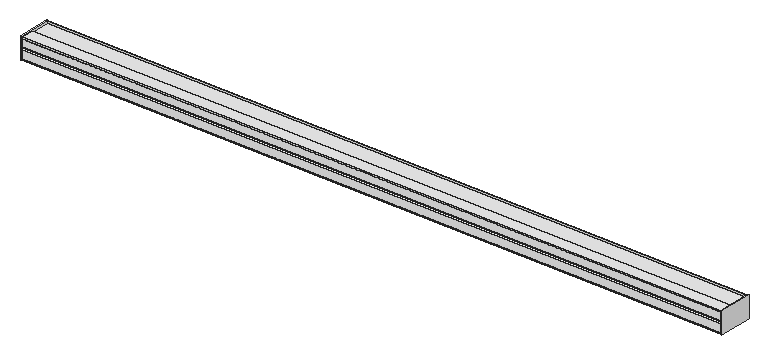
Revit family "4070765+4070747 Feilo Sylvania Lighting Fixture CURSUS 1161MM 827LM OVAL LED 3K with SINGLE WALL HOUSING", category Lighting Fixtures, host Face, Revit 2017
Family settings
  Host = Face
  Round Connector Dimension = Use Diameter
  Part Type = Normal
  OmniClass Number = 23.80.70.14
  OmniClass Title = Luminaries for External Lighting
  Cut with Voids When Loaded = Yes
  Light Source = Yes
  Shared = Yes
  Room Calculation Point = No
Parameters (values of type "4070765 CURSUS 1161MM 827LM OVAL LED 3K")
  Width_FEILO = 35 mm
  Weight = "2.2 kg"
  Wattage Comments = "n/a"
  Wattage = 18 W
  WarrantyStartDate [instance] = "n/a"
  WarrantyGuarantorParts = "n/a"
  WarrantyDurationUnit = "n/a"
  WarrantyDurationParts = "n/a"
  WarrantyDescription = "n/a"
  WallThickness_FEILO = 2.5 mm
  built-in parameter 1150110 = 1 (stored number, unit not read)
  Voltage = 24 V
  URL = "http://www.sylvania-lighting.com"
  TypeName = "CURSUS 1161MM 827LM OVAL LED 3K"
  Type Image = <None>
  Type Comments = "n/a"
  built-in parameter 1114217 = 1 (stored number, unit not read)
  Tilt Angle = -90.00°
  built-in parameter 1150109 = 1 (stored number, unit not read)
  built-in parameter 1150134 = (empty or 0)
  built-in parameter 1150113 = 1 (stored number, unit not read)
  SerialNumber [instance] = "n/a"
  ReflectorMaterial = none
  PowerFactor = 0
  PowerConsumption = "18 W"
  Photometric Web File = "4070765.ies"
  NominalLength = 1161 mm
  NominalHeight = 50 mm
  NominalDepth = 30 mm
  Name = "CURSUS 1161MM 827LM OVAL LED 3K"
  ModelReference = Name  # "CURSUS 1161MM 827LM OVAL LED 3K"
  ModelNumber = "4070765"
  Model = Name  # "CURSUS 1161MM 827LM OVAL LED 3K"
  Material = "natural anodised extruded aluminium structure housing, optical system with pmma lenses diffuser"
  ManufacturerName = "Feilo Sylvania"
  Manufacturer = "Feilo Sylvania"
  LuminousEfficacy = "45.94 lm/W"
  built-in parameter 1150105 = 1166.5 (stored number, unit not read)
  Lumens = 827 lm
  LuminaireType = ""
  built-in parameter 1150115 = 1 (stored number, unit not read)
  LightOutputRatio = "100"
  built-in parameter 1150137 = (empty or 0)
  built-in parameter 1150139 = (empty or 0)
  Length_FEILO = 1167 mm
  LampsType = Lamp  # "LED"
  LampNominalLuminous = "827 lm"
  LampMacAdamStep = "n/a"
  LampColourTemperature = "3000 K"
  LampColourRenderingIndex = "80"
  built-in parameter 1150112 = 1 (stored number, unit not read)
  built-in parameter 1150114 = 1 (stored number, unit not read)
  Lamp = "LED"
  Keynote = "16500"
  InstallationDate [instance] = "n/a"
  InputVoltage = "24V DC"
  InputNominalFrequency = "n/a"
  built-in parameter 1150132 = (empty or 0)
  built-in parameter 1150102 = (empty or 0)
  built-in parameter 1150107 = 3000 (stored number, unit not read)
  built-in parameter 1150138 = (empty or 0)
  IngressProtection = "IP67"
  ImpactProtectionIndex = "IK07"
  built-in parameter 1150106 = 11.665 (stored number, unit not read)
  IfcExportType = "IfcLightFixtureType"
  IfcExportAs = "IfcLightFixtureType"
  ExpectedLife = 50000
  EndCapRight [instance] = yes
  EndCapLeft [instance] = yes
  Emit from Rectangle Width = Width_FEILO - WallThickness_FEILO * 2  # 30 mm
  Emit from Rectangle Length = Length_FEILO - WallThickness_FEILO * 2  # 1162 mm
  Emit Shape Visible in Rendering = no
  ElectricShockClassification = "Class III"
  built-in parameter 1150104 = 4.2684 (stored number, unit not read)
  DurationUnit = "hours"
  DocumentationLiterature = "http://www.sylvania-lighting.com/product/en-int/products/4070765"
  DimmingControlOptions = "n/a"
  Dimming Lamp Color Temperature Shift = <None>
  DiffuserMaterial = Diffuser-Sylvania-Glow
  Description = "LED Exterior Lighting Recessed Surface Mounted Linear Fixture, Natural anodised extruded aluminium structure. Die-cast aluminium end caps. Installation kit with harmonic steel springs., 827 lm, 18W, 45lm/W, 3000K, CRI80+,non dimmable,IP67, IK07, (HxWxD) 1161x50x30mm, 3 step Mac Adam Ellipse, 2.2kg,, Classe III, 21-25V-DC, energy class : A++, A+, A"
  Default Elevation = 1219.2 mm
  CreatedOn = "1/8/2018"
  CreatedBy = ""
  Cost = 0
  Color Filter = 16777215
  built-in parameter 1114216 [instance] = (empty or 0)
  ClassificationValue = "EF_70_80"
  ClassificationName = "Uniclass2015"
  BodyMaterial = Body-Sylvania-Gray
  BarCode [instance] = "n/a"
  built-in parameter 1114218 = 1 (stored number, unit not read)
  built-in parameter 1150133 = 10 (stored number, unit not read)
  AssetType = "Fixed"
  AssetIdentifier [instance] = "n/a"
  Assembly Code = "D5020200"
  Apparent Load = 18 VA
  AccessoryMaterial = Diffuser-Sylvania-Glow
Reference planes
  plane 1 "Center (Front/Back)": y = 0
  plane 2: z = 0
  plane 3 "Center (Left/Right)": x = 0
  plane 4: x = 583.5
  plane 5: x = -583.5
  plane 6: x = -581
  plane 7: x = 581
  plane 8: z = 35
  plane 9: z = 17.5
  plane 10: z = 32.5
  plane 11: z = 2.5
  plane 12: z = 30
  plane 13: z = 5
  plane 14: y = -55
  plane 15: y = -53
  plane 16: y = -2.5
  plane 17: y = -37
  plane 18: y = -34.5
Forms (mm)
  Extrusion 1, solid, material "Body-Sylvania-Gray" <- "BodyMaterial"
    sketch origin (0, 0, 0) x (0, 1, 0) y (0, 0, 1)
      loop
        line (0, 35) -> (-2.5, 35) -> (-2.5, 32.5) -> (-34.5, 32.5) -> (-34.5, 35) -> (-55, 35) -> (-55, 32.5) -> (-37, 32.5) -> (-37, 30) -> (-2.5, 30) -> (-2.5, 5) -> (-37, 5) -> (-37, 2.5) -> (-55, 2.5) -> (-55, 0) -> (-34.5, 0) -> (-34.5, 2.5) -> (-2.5, 2.5) -> (-2.5, 0) -> (0, 0) -> (0, 35)
    from -581 to 581
  Extrusion 2, solid, material "Diffuser-Sylvania-Glow" <- "DiffuserMaterial"
    sketch origin (0, 0, 0) x (0, 1, 0) y (0, 0, 1)
      loop
        line (-37, 32.5) -> (-55, 32.5) -> (-55, 19.5) -> (-53, 17.5) -> (-55, 15.5) -> (-55, 2.5) -> (-37, 2.5) -> (-37, 32.5)
    from -581 to 581
  Extrusion 3, solid, material "Body-Sylvania-Gray" <- "BodyMaterial", visible <- "EndCapRight"
    sketch origin (581, 1524, 1219.2) x (0, 1, 0) y (0, 0, 1)
      loop
        line (-1579, -1184.2) -> (-1579, -1219.2) -> (-1524, -1219.2) -> (-1524, -1184.2) -> (-1579, -1184.2)
    from 0 to 2.5
  Extrusion 4, solid, material "Body-Sylvania-Gray" <- "BodyMaterial", visible <- "EndCapLeft"
    sketch origin (-581, 1524, 1219.2) x (0, 1, 0) y (0, 0, 1)
      loop
        line (-1579, -1184.2) -> (-1579, -1219.2) -> (-1524, -1219.2) -> (-1524, -1184.2) -> (-1579, -1184.2)
    from -2.5 to 0
Dimensions and locks
  equal spacing: plane 5, plane 3 "Center (Left/Right)", plane 4
  "Length_FEILO": plane 5 to plane 4
  equal spacing: plane 6, plane 3 "Center (Left/Right)", plane 7
  "WallThickness_FEILO": plane 5 to plane 6
  locked: plane 9 to plane 2 at 17.5
  locked: plane 8 to plane 2 at 35
  equal spacing: plane 11, plane 9, plane 10
  equal spacing: plane 13, plane 9, plane 12
  "WallThickness_FEILO": plane 12 to plane 10
  locked: plane 14 to plane 15 at 2
  locked: plane 14 to plane 17 at 18
  "WallThickness_FEILO": plane 17 to plane 18
  "WallThickness_FEILO": plane 16 to plane 1 "Center (Front/Back)"
  locked: plane 15 to Extrusion 2 sketch curve (angle 45.00°)
  locked: Extrusion 2 sketch curve to plane 15 (angle 45.00°)
  aligned and locked: plane 2 to host face
  aligned and locked: level to host face
  aligned and locked: plane 1 "Center (Front/Back)" to Extrusion 1 sketch curve
  aligned and locked: Extrusion 1 sketch curve to plane 8  (x2)
  aligned and locked: plane 16 to Extrusion 1 sketch curve
  aligned and locked: host face to Extrusion 1 sketch curve
  aligned and locked: Extrusion 1 sketch curve to plane 16  (x2)
  aligned and locked: Extrusion 1 sketch curve to plane 11
  aligned and locked: plane 18 to Extrusion 1 sketch curve
  aligned and locked: level to Extrusion 1 sketch curve
  aligned and locked: plane 11 to Extrusion 1 sketch curve
  aligned and locked: Extrusion 1 sketch curve to plane 17
  aligned and locked: plane 13 to Extrusion 1 sketch curve
  aligned and locked: Extrusion 1 sketch curve to plane 12
  aligned and locked: plane 10 to Extrusion 1 sketch curve  (x2)
  aligned and locked: plane 17 to Extrusion 1 sketch curve  (x2)
  aligned and locked: plane 12 to Extrusion 1 sketch curve
  aligned and locked: Extrusion 1 sketch curve to plane 10
  aligned and locked: Extrusion 1 sketch curve to plane 18
  aligned and locked: plane 7 to Extrusion 1
  aligned and locked: Extrusion 1 to plane 6
  aligned and locked: Extrusion 2 sketch curve to Extrusion 1  (x4)
  aligned and locked: Extrusion 1 to Extrusion 2 sketch curve
  aligned and locked: plane 9 to Extrusion 2 sketch curve
  aligned and locked: plane 7 to Extrusion 2
  aligned and locked: Extrusion 2 to plane 6
  aligned and locked: Extrusion 3 sketch curve to Extrusion 1  (x4)
  aligned and locked: plane 4 to Extrusion 3
  aligned and locked: Extrusion 3 to plane 7
  aligned and locked: Extrusion 4 sketch curve to Extrusion 3  (x3)
  aligned and locked: Extrusion 4 sketch curve to Extrusion 1
  aligned and locked: Extrusion 4 to plane 5
  aligned and locked: plane 6 to Extrusion 4
  aligned and locked: plane 14 to imposter light
  aligned and locked: imposter light to plane 9
  aligned and locked: plane 3 "Center (Left/Right)" to imposter light
Automatic sketch dimensions
  host sketch curve to host sketch curve = 2438.4 mm  (x2)
  Extrusion 1 sketch curve to plane 14 = 0 mm  (x2)
  Extrusion 2 sketch curve to plane 15 = 0 mm
Connectors
  electrical at (0, 0, 0), driven by "Apparent Load", driven by "PowerFactor", driven by "Voltage"
    settings: index 1, voltage 24 V, apparent load 18 VA, apparent load phase1 0 VA, apparent load phase2 0 VA, apparent load phase3 0 VA, power factor 0, load classification "Lighting", number of poles 1, system type 30, power factor state 1, is connector primary yes, connector utility no, sub classification motor no, connector description ""
